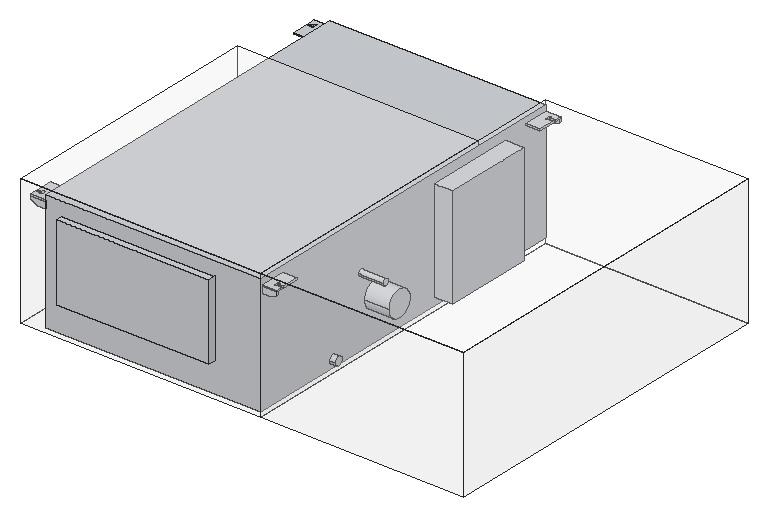
Revit family "ge-mp1080_2100m_50Hz", category 機械設備, Revit 2019
Family settings
  丸型コネクタ寸法 = 直径を使用
  パーツ タイプ = 標準
  OmniClass 番号 = 23.75.10.24.21.27.27
  OmniClass タイトル = Split System Air Conditioning Units
  作業面ベース = いいえ
  常に垂直 = はい
  ロード時にボイドで切り取り = いいえ
  共有 = いいえ
  部屋計算ポイント = はい
Parameters (values of type "GE-MP1080M")
  風量 = 1080.0 m³/h
  音響パワーレベル(dB) = 65
  電源種別 = ""
  電圧_電気ヒーター = 0 V
  電圧 = 200 V
  電動機出力_送風機 = 0.20 kW
  運転質量 = 0.00 kg
  連動 = ""
  質量 = if(製品質量 > 運転質量, 製品質量, 運転質量) * 1.2  # 116.40 kg
  負荷分類 = 10_ファンコイル類
  説明 = "ビル用マルチエアコン 室内ユニット 天井埋込外気処理"
  設計暖房能力 [instance] = 0 kW
  設計冷房能力_顕熱 [instance] = 0 kW
  設計冷房能力 [instance] = 0 kW
  設置方法 = "天井吊形"
  記号 [instance] = ""
  製造元 = "三菱電機株式会社"
  製品質量 = 97.00 kg
  製品出荷対象 = "国内"
  製品リリース年月 = "2025/6/30"
  製品グループ = ""
  給気量 = 0.0 m³/h
  系統 [instance] = ""
  符号 = "ACP-CIO"
  積算_科目 = "1 空気調和設備"
  積算_拾い区分 [instance] = ""
  相_電気ヒーター = 1
  相 = 1
  盤記号 [instance] = ""
  発停方法 = ""
  特殊仕様 [instance] = ""
  火災停止 = ""
  消費電力_電気ヒーター = 0.00 kW
  消費電力_暖房 = 0.28 kW
  消費電力_加湿器 = 0.00 kW
  消費電力_冷房 = 0.28 kW
  消費電力 = if(消費電力_冷房 > 消費電力_暖房, 消費電力_冷房, 消費電力_暖房) + 消費電力_加湿器 + 消費電力_電気ヒーター  # 0.28 kW
  法定耐用年数 = "15"
  機外静圧 = 210.0 Pa
  極数 = 2
  材質 [instance] = ""
  本体マテリアル = none
  有効加湿量 = 8.3
  暖房能力 = 13.7 kW
  排気量 = 0.0 m³/h
  形式_加湿器 = ""
  形式 = "外気処理エアコン(天井吊形)"
  幹線記号 [instance] = ""
  始動方式 = "直入"
  外気量 = 0.0 m³/h
  呼称 = "室内機_外気処理エアコン(天井吊形)"
  周波数 = 50 Hz
  台数_手元リモコン [instance] = ""
  台数_冷媒分岐ユニット [instance] = ""
  参照している仕様書等のバージョン = "公共建築工事標準仕様書（機械設備工事編）平成31年度版"
  加湿給水管径 = 21.70 mm
  分類コード = "50053003221160"
  分類グループ = ""
  冷房能力 = 14 kW
  冷媒高低圧ガス管径 = 0.00 mm
  冷媒管径符号 = "Bd"
  冷媒管径 = 100.00 mm
  冷媒液管径 = 9.52 mm
  冷媒ガス管径 = 15.88 mm
  企業コード = "108420"
  付属品_フィルター = ""
  付属品 [instance] = ""
  仕様書バージョン = "Version1.0"
  モデル = "GE-MP1080M"
  ドレン管径 = 32.00 mm
  ダクト2高 = 400 mm
  ダクト2幅 = 700 mm
  ダクト1高 = 300 mm
  ダクト1幅 = 600 mm
  コメント [instance] = ""
  Keynote = ""
  エンタルピ交換効率_暖房 [instance] = 0.00%
  エンタルピ交換効率_冷房 [instance] = 0.00%
  j = 25 mm  # constant formula
  h = 25 mm  # constant formula
  Width = 850 mm
  Version = ""
  Uniclass2015Version = "Systems v1.9"
  Uniclass2015Title = "Split coil remote air cooled condensing units"
  Uniclass2015Code = "Pr_70_65_03_84"
  URL = "https://www.mitsubishielectric.co.jp/ldg/wink/qr/002/339953/"
  SpecificationReference = ""
  SpecificationDescription = ""
  Revision = ""
  ProductInformation = ""
  OmniClassCode = "23-33 17 13 11"
  L = 950 mm
  IfcTypeProduct = ""
  IfcProduct = ""
  IfcExportType = "AIRCONDITIONINGUNIT"
  IfcExportAs = "IfcUnitaryEquipmentType"
  Height = 470 mm
  Depth = 1400 mm
  Author = "三菱電機株式会社"
Types (3, lengths in mm): name | 風量 | 音響パワーレベル(dB) | 電動機出力_送風機 | 質量 | 製品質量 | 消費電力_暖房 | 消費電力_冷房 | 消費電力 | 機外静圧 | 有効加湿量 | 暖房能力 | 冷房能力 | 冷媒管径符号 | 冷媒ガス管径 | モデル | ダクト2幅 | ダクト1幅 | Width | URL | L
  GE-MP1080M | 1080.0 m³/h | 65 | 0.20 kW | 116.40 kg | 97.00 kg | 0.28 kW | 0.28 kW | 0.28 kW | 210.0 Pa | 8.3 | 13.7 kW | 14 kW | "Bd" | 15.88 | "GE-MP1080M" | 700 | 600 | 850 | "https://www.mitsubishielectric.co.jp/ldg/wink/qr/002/339953/" | 950
  GE-MP1680M | 1680.0 m³/h | 67 | 0.40 kW | 140.40 kg | 117.00 kg | 0.49 kW | 0.49 kW | 0.49 kW | 210.0 Pa | 13 | 21.2 kW | 22.4 kW | "Be" | 19.05 | "GE-MP1680M" | 1100 | 1000 | 1250 | "https://www.mitsubishielectric.co.jp/ldg/wink/qr/002/339954/" | 1350
  GE-MP2100M | 2100.0 m³/h | 69 | 0.40 kW | 145.20 kg | 121.00 kg | 0.53 kW | 0.53 kW | 0.53 kW | 170.0 Pa | 16.2 | 26.5 kW | 28 kW | "Bf" | 22.20 | "GE-MP2100M" | 1100 | 1000 | 1250 | "https://www.mitsubishielectric.co.jp/ldg/wink/qr/002/339955/" | 1350
Reference planes
  plane 1 "中心(正面/背面)": y = 0
  plane 2: z = 0
  plane 3 "中心(左/右)": x = 0
  plane 4 "左": x = -425
  plane 5 "右": x = 425
  plane 6 "正面": y = -700
  plane 7 "背面": y = 700
  plane 8: z = 470
  plane 9: z = 210
  plane 10: z = 153
  plane 11: z = 235
  plane 12: x = 625
  plane 13: x = -525
  plane 14: y = 370
  plane 15: y = -900
  plane 16: z = 490
  plane 17: z = -20
  plane 18: y = 725
  plane 19: y = -725
  plane 20: x = 1225
Lines and regions (mm)
  Masking region 1, detail levels coarse+medium
    outline origin (0, 0, 0) x (1, 0, 0) y (0, 1, 0)
      loop
        line (-425, 700) -> (-425, -700) -> (425, -700) -> (425, 700) -> (-425, 700)
  Masking region 2, detail levels coarse+medium
    outline origin (0, 0, 0) x (1, 0, 0) y (0, 1, 0)
      loop
        line (-425, 700) -> (-425, -700) -> (425, -700) -> (425, 700) -> (-425, 700)
  reference lines
    curve 1: line (0, 700, 0) -> (-425, 0, 0)
    curve 2: line (-425, 0, 0) -> (0, -700, 0)
    curve 3: line (425, 0, 0) -> (0, 700, 0)
    curve 4: line (0, -700, 0) -> (425, 0, 0)
  symbolic lines, detail levels coarse+medium
    curve 5: line (0, 700, 0) -> (-425, 0, 0)
    curve 6: line (-425, 0, 0) -> (0, -700, 0)
    curve 7: line (0, -700, 0) -> (425, 0, 0)
    curve 8: line (425, 0, 0) -> (0, 700, 0)
Dimensions and locks
  "Height": plane 8 to level
  equal spacing: plane 4 "左", plane 3 "中心(左/右)", plane 5 "右"
  "Width": plane 4 "左" to plane 5 "右"
  equal spacing: plane 6 "正面", plane 1 "中心(正面/背面)", plane 7 "背面"
  "Depth": plane 6 "正面" to plane 7 "背面"
  locked: plane 9 to level at 210
  locked: plane 10 to level at 153
  locked: plane 11 to level at 235
  locked: plane 16 to plane 8 at 20
  locked: plane 2 to plane 17 at 20
  locked: plane 6 "正面" to plane 14 at 1070
  "L": plane 13 to plane 5 "右"
  "h": plane 19 to plane 6 "正面"
  "j": plane 7 "背面" to plane 18
  locked: plane 12 to plane 20 at 600
  locked: plane 5 "右" to plane 20 at 800
  aligned and locked: level to plane 2
  aligned and locked: plane 6 "正面" to nested 2
  aligned and locked: plane 14 to nested 2
  aligned and locked: plane 16 to nested 3
  aligned and locked: plane 17 to nested 3
  aligned and locked: plane 16 to nested 2
  aligned and locked: plane 17 to nested 2
  aligned and locked: nested 1 to plane 1 "中心(正面/背面)"
  aligned and locked: plane 3 "中心(左/右)" to nested 1
  aligned and locked: plane 5 "右" to nested 2
  aligned and locked: plane 13 to nested 2
  aligned and locked: plane 7 "背面" to nested 3
  aligned and locked: plane 5 "右" to nested 3
  aligned and locked: plane 6 "正面" to nested 3
  aligned and locked: plane 20 to nested 3
Automatic sketch dimensions
  Masking region 1 sketch curve to plane 4 "左" = 0 mm
  Masking region 1 sketch curve to plane 5 "右" = 0 mm
  plane 6 "正面" to Masking region 1 sketch curve = 0 mm
  plane 7 "背面" to Masking region 1 sketch curve = 0 mm
  Masking region 2 sketch curve to plane 4 "左" = 0 mm
  Masking region 2 sketch curve to plane 5 "右" = 0 mm
  plane 6 "正面" to Masking region 2 sketch curve = 0 mm
  plane 7 "背面" to Masking region 2 sketch curve = 0 mm
  plane 1 "中心(正面/背面)" to curve 1 = 0 mm
  curve 1 to plane 4 "左" = 0 mm
  curve 2 to plane 3 "中心(左/右)" = 0 mm
  curve 3 to plane 3 "中心(左/右)" = 0 mm
  plane 1 "中心(正面/背面)" to curve 3 = 0 mm
  curve 3 to plane 5 "右" = 0 mm
  plane 6 "正面" to curve 2 = 0 mm
  plane 7 "背面" to curve 3 = 0 mm
  plane 1 "中心(正面/背面)" to curve 5 = 0 mm
  curve 5 to plane 4 "左" = 0 mm
  curve 6 to plane 3 "中心(左/右)" = 0 mm
  curve 8 to plane 3 "中心(左/右)" = 0 mm
  plane 1 "中心(正面/背面)" to curve 7 = 0 mm
  curve 7 to plane 5 "右" = 0 mm
  plane 6 "正面" to curve 6 = 0 mm
  plane 7 "背面" to curve 5 = 0 mm
Nested families
  nested 1: "GE-MP-M" at (0, 0, 0) x (0, 1, 0) z (0, 0, 1), H <- "Height", 加湿器径 <- "加湿給水管径", D <- "Width", W <- "Depth", type "GE-MP-M"
    with 配管径 100 mm, 液径 9.52 mm, 液W 96 mm, 液H 40 mm, 液D 100 mm, 吊りボルトW 1338 mm, 吊りボルトH 20 mm, 吊りボルトD 925 mm, 加湿器径 21.7 mm, 加湿器W 488 mm, 加湿器H 280 mm, 加湿器D 100 mm, ドレン径 32 mm, ドレンW 350 mm, ドレンH 35 mm, ドレンD 25 mm, ガス径 15.88 mm, ガスW 604 mm, ガスH 155 mm, ガスD 100 mm, W 1400 mm, J ダクトW 700 mm, J ダクトH 400 mm, H 470 mm, G ダクトW 600 mm, G ダクトH 300 mm, D 850 mm, C 985 mm
  nested 2: "サービススペース(GE-MP-M)" at (-50, -165, 235), type "サービススペース(GE-MP-M)"
    with Width 950 mm, Height 510 mm, Depth 1070 mm
  nested 3: "サービススペース(GE-MP-M)" at (825, 0, 235), type "サービススペース(GE-MP-M)"
    with Width 800 mm, Height 510 mm, Depth 1400 mm
Connectors
  hvac at (0, 725, 235), driven by "ダクト2高", driven by "ダクト2幅", driven by "機外静圧", driven by "外気量"
    settings: on nested 1, index 8, duct flow 0.0 m³/h, flow factor 0, pres drop 210.0 Pa, loss coef 0, conn angle 0.00°, conn width 700 mm, conn height 400 mm, conn diameter 609.6 mm, duct sys type 29, conn prof type 1, flow config 0, flow direction 1, loss method 4, conn ref index -1, conn util no, is conn primary yes, conn desc "OA"
  hvac at (-60, -725, 265), driven by "ダクト1高", driven by "ダクト1幅", driven by "機外静圧", driven by "給気量"
    settings: on nested 1, index 9, duct flow 0.0 m³/h, flow factor 0, pres drop 210.0 Pa, loss coef 0, conn angle 0.00°, conn width 600 mm, conn height 300 mm, conn diameter 609.6 mm, duct sys type 29, conn prof type 1, flow config 0, flow direction 2, loss method 4, conn ref index -1, conn util no, is conn primary no, conn desc "SA"
  electrical at (499.5, 324, 235), driven by "極数", driven by "負荷分類", driven by "電圧", driven by "消費電力"
    settings: on nested 1, index 10, voltage 200 V, apparent load 280 VA, apparent load phase1 0 VA, apparent load phase2 0 VA, apparent load phase3 0 VA, power factor 1, load classification "10_ファンコイル類", number of poles 2, system type 30, power factor state 1, is connector primary yes, connector utility no, sub classification motor no, connector description ""
  piping at (525, -144, 175), diameter 100, driven by "冷媒管径", driven by "冷媒管径符号"
    settings: on nested 1, index 11, connector inside diameter 609.60 mm, connector length 0 mm, flow factor 0, pipe flow 0.0 L/s, pressure drop 0.0 Pa, fitting loss kfactor 0, connector angle 0.00°, fixture units 0, engagement length 0 mm, angle of deflection 0.00°, flow configuration 1, flow direction 1, fitting loss method 4, system type 7, joint type 0, gender type 0, connector reference index -1, connector utility 0, adjustable connector no, is connector primary yes, connector description "Bd"
  piping at (450, -350, 35), diameter 32, driven by "ドレン管径"
    settings: on nested 1, index 12, connector inside diameter 609.60 mm, connector length 0 mm, flow factor 0, pipe flow 0.0 L/s, pressure drop 0.0 Pa, fitting loss kfactor 0, connector angle 0.00°, fixture units 0, engagement length 0 mm, angle of deflection 0.00°, flow configuration 1, flow direction 2, fitting loss method 4, system type 16, joint type 0, gender type 0, connector reference index -1, connector utility 0, adjustable connector no, is connector primary no, connector description ""
  piping at (525, -212, 280), diameter 21.7, driven by "加湿給水管径"
    settings: on nested 1, index 13, connector inside diameter 609.60 mm, connector length 0 mm, flow factor 0, pipe flow 0.0 L/s, pressure drop 0.0 Pa, fitting loss kfactor 0, connector angle 0.00°, fixture units 0, engagement length 0 mm, angle of deflection 0.00°, flow configuration 1, flow direction 1, fitting loss method 4, system type 20, joint type 0, gender type 0, connector reference index -1, connector utility 0, adjustable connector no, is connector primary no, connector description ""
Definition of nested family "GE-MP-M"
  Parameters (values of type "GE-MP-M")
    加湿器径 [instance] = 6.4 mm
    加湿器W [instance] = 488 mm  # constant formula
    加湿器H [instance] = 280 mm  # constant formula
    加湿器D [instance] = 100 mm  # constant formula
    液径 [instance] = 9.52 mm
    吊りボルトW [instance] = 1338 mm  # constant formula
    吊りボルトH [instance] = 20 mm  # constant formula
    吊りボルトD [instance] = if(D = 850 mm, 925 mm, 1325 mm)  # 925 mm
    配管径 [instance] = 100 mm  # constant formula
    液W [instance] = 96 mm  # constant formula
    液H [instance] = 40 mm  # constant formula
    液D [instance] = 100 mm  # constant formula
    ドレン径 [instance] = 32 mm
    ドレンW [instance] = 350 mm  # constant formula
    ドレンH [instance] = 35 mm  # constant formula
    ドレンD [instance] = 25 mm  # constant formula
    J ダクトW [instance] = if(D = 850 mm, 700 mm, 1100 mm)  # 700 mm
    J ダクトH [instance] = 400 mm  # constant formula
    ガス径 [instance] = 15.88 mm
    ガスW [instance] = 604 mm  # constant formula
    ガスH [instance] = 155 mm  # constant formula
    ガスD [instance] = 100 mm  # constant formula
    W [instance] = 1400 mm
    H [instance] = 470 mm
    G ダクトW [instance] = if(D = 850 mm, 600 mm, 1000 mm)  # 600 mm
    G ダクトH [instance] = 300 mm  # constant formula
    D [instance] = 850 mm
    C [instance] = if(D = 850 mm, 985 mm, 1385 mm)  # 985 mm
  Reference planes
    plane 1 "中心(正面/背面)": y = 0
    plane 2: z = 0
    plane 3 "中心(左/右)": x = 0
    plane 4: x = -700
    plane 5: x = 700
    plane 6: y = 425
    plane 7: y = -425
    plane 8: z = 470
    plane 9: y = 462.5
    plane 10: y = -462.5
    plane 11: x = -669
    plane 12: x = 669
    plane 13: y = 485.5
    plane 14: y = -485.5
    plane 15: x = -699
    plane 16: x = 699
    plane 17: x = 599
    plane 18: x = -599
    plane 19: z = 450
    plane 20: z = 420
    plane 21: z = 445
    plane 22: x = -694
    plane 23: x = 694
    plane 24: x = -350
    plane 25: x = -96
    plane 26: x = -192
    plane 27: y = -499.5
    plane 28: x = 499
    plane 29: x = 149
    plane 30: y = -450
    plane 31: z = 35
    plane 32: y = -525
    plane 33: z = 155
    plane 34: z = 195
    plane 35: x = -144
    plane 36: z = 175
    plane 37: x = -212
    plane 38: z = 280
    plane 39: x = 725
    plane 40: x = -725
    plane 41: y = -240
    plane 42: y = 360
    plane 43: z = 115
    plane 44: z = 415
    plane 45: y = 350
    plane 46: y = -350
    plane 47: z = 435
  Forms (mm)
    Extrusion 1, solid
      sketch origin (0, 0, 0) x (1, 0, 0) y (0, 1, 0)
        loop
          line (-700, 425) -> (-700, -425) -> (700, -425) -> (700, 425) -> (-700, 425)
      from 0 to 470
    Extrusion 2, solid, detail levels fine
      sketch origin (0, 0, 0) x (1, 0, 0) y (0, 1, 0)
        loop
          line (-699, 485.5) -> (-699, 425) -> (-599, 425) -> (-599, 485.5) -> (-664, 485.5) -> (-664, 467.5)
          arc (-664, 467.5) -> (-659, 462.5) -> (-664, 457.5) r 5
          line (-664, 457.5) -> (-674, 457.5)
          arc (-674, 457.5) -> (-679, 462.5) -> (-674, 467.5) r 5
          line (-674, 467.5) -> (-674, 485.5) -> (-699, 485.5)
        loop
          line (599, 485.5) -> (599, 425) -> (699, 425) -> (699, 485.5) -> (674, 485.5) -> (674, 467.5)
          arc (674, 467.5) -> (679, 462.5) -> (674, 457.5) r 5
          line (674, 457.5) -> (664, 457.5)
          arc (664, 457.5) -> (659, 462.5) -> (664, 467.5) r 5
          line (664, 467.5) -> (664, 485.5) -> (599, 485.5)
        loop
          line (599, -485.5) -> (664, -485.5) -> (664, -467.5)
          arc (664, -467.5) -> (659, -462.5) -> (664, -457.5) r 5
          line (664, -457.5) -> (674, -457.5)
          arc (674, -457.5) -> (679, -462.5) -> (674, -467.5) r 5
          line (674, -467.5) -> (674, -485.5) -> (699, -485.5) -> (699, -425) -> (599, -425) -> (599, -485.5)
        loop
          line (-699, -485.5) -> (-674, -485.5) -> (-674, -467.5)
          arc (-674, -467.5) -> (-679, -462.5) -> (-674, -457.5) r 5
          line (-674, -457.5) -> (-664, -457.5)
          arc (-664, -457.5) -> (-659, -462.5) -> (-664, -467.5) r 5
          line (-664, -467.5) -> (-664, -485.5) -> (-599, -485.5) -> (-599, -425) -> (-699, -425) -> (-699, -485.5)
      from 445 to 450
    Extrusion 3, solid, detail levels fine
      sketch origin (0, 0, 0) x (0, 1, 0) y (0, 0, 1)
        loop
          line (425, 445) -> (425, 420) -> (455.25, 420) -> (485.5, 432.5) -> (485.5, 445) -> (425, 445)
        loop
          line (-485.5, 445) -> (-485.5, 432.5) -> (-455.25, 420) -> (-425, 420) -> (-425, 445) -> (-485.5, 445)
      from 694 to 699
    Extrusion 4, solid, detail levels fine
      sketch origin (0, 0, 0) x (0, 1, 0) y (0, 0, 1)
        loop
          line (-485.5, 432.5) -> (-455.25, 420) -> (-425, 420) -> (-425, 445) -> (-485.5, 445) -> (-485.5, 432.5)
        loop
          line (455.25, 420) -> (485.5, 432.5) -> (485.5, 445) -> (425, 445) -> (425, 420) -> (455.25, 420)
      from -699 to -694
    Extrusion 5, solid, detail levels fine
      sketch origin (0, 0, 0) x (1, 0, 0) y (0, 0, 1)
        loop
          circle (-350, 35) r 16
      from 425 to 450
    Extrusion 6, solid, detail levels fine
      sketch origin (0, 0, 0) x (1, 0, 0) y (0, 0, 1)
        loop
          circle (-144, 175) r 50
      from 425 to 525
    Extrusion 7, solid, detail levels fine
      sketch origin (0, 0, 0) x (1, 0, 0) y (0, 0, 1)
        loop
          circle (-212, 280) r 3.2
      from 425 to 525
    Extrusion 8, solid, detail levels fine
      sketch origin (0, 0, 0) x (0, 1, 0) y (0, 0, 1)
        loop
          line (360, 415) -> (-240, 415) -> (-240, 115) -> (360, 115) -> (360, 415)
      from -725 to -700
    Extrusion 9, solid, detail levels fine
      sketch origin (0, 0, 0) x (0, 1, 0) y (0, 0, 1)
        loop
          line (-350, 435) -> (-350, 35) -> (350, 35) -> (350, 435) -> (-350, 435)
      from 700 to 725
    Extrusion 10, solid, detail levels fine
      sketch origin (0, 0, 0) x (1, 0, 0) y (0, 0, 1)
        loop
          line (499, 435) -> (149, 435) -> (149, 35) -> (499, 35) -> (499, 435)
      from 425 to 499.5
  Dimensions and locks
    equal spacing: plane 7, plane 1 "中心(正面/背面)", plane 6
    "D": plane 7 to plane 6
    equal spacing: plane 4, plane 3 "中心(左/右)", plane 5
    "W": plane 4 to plane 5
    "H": plane 8 to level
    equal spacing: plane 10, plane 1 "中心(正面/背面)", plane 9
    "吊りボルトD": plane 10 to plane 9
    equal spacing: plane 11, plane 3 "中心(左/右)", plane 12
    "吊りボルトW": plane 11 to plane 12
    locked: plane 9 to plane 13 at 23
    locked: plane 14 to plane 10 at 23
    locked: plane 12 to plane 16 at 30
    locked: plane 15 to plane 11 at 30
    locked: plane 11 to plane 18 at 70
    locked: plane 17 to plane 12 at 70
    plane 8 to plane 19 to plane 20 = 20 mm locked, 30 mm locked
    locked: plane 23 to plane 16 at 5
    locked: plane 15 to plane 22 at 5
    locked: plane 19 to plane 21 at 5
    "ドレンW": plane 24 to plane 4
    "ガスW": plane 25 to plane 4
    "液W": plane 25 to plane 26
    "C": plane 27 to plane 13
    locked: plane 28 to plane 29 at 350
    plane 5 to plane 28 = 201 mm
    "ドレンD": plane 30 to plane 7
    "ドレンH": plane 31 to level
    "ガスD": plane 32 to plane 7
    "ガスH": plane 33 to level
    "液H": plane 34 to plane 33
    equal spacing: plane 25, plane 35, plane 26
    equal spacing: plane 34, plane 36, plane 33
    "加湿器W": plane 37 to plane 4
    "加湿器H": plane 38 to level
    locked: plane 40 to plane 4 at 25
    locked: plane 5 to plane 39 at 25
    locked: plane 7 to plane 41 at 185
    "G ダクトW": plane 41 to plane 42
    locked: plane 43 to level at 115
    "G ダクトH": plane 44 to plane 43
    equal spacing: plane 46, plane 1 "中心(正面/背面)", plane 45
    "J ダクトW": plane 46 to plane 45
    "J ダクトH": plane 47 to plane 31
    "ドレン径": diameter of Extrusion 5 sketch curve
    "配管径": diameter of Extrusion 6 sketch curve
    "加湿器径": diameter of Extrusion 7 sketch curve
    aligned and locked: level to plane 2
    aligned and locked: plane 6 to Extrusion 1 sketch curve
    aligned and locked: plane 4 to Extrusion 1 sketch curve
    aligned and locked: Extrusion 1 sketch curve to plane 7
    aligned and locked: Extrusion 1 sketch curve to plane 5
    aligned and locked: plane 8 to Extrusion 1
    aligned and locked: plane 13 to Extrusion 2 sketch curve  (x4)
    aligned and locked: plane 15 to Extrusion 2 sketch curve
    aligned and locked: Extrusion 2 sketch curve to plane 6  (x2)
    aligned and locked: Extrusion 2 sketch curve to plane 18
    aligned and locked: plane 17 to Extrusion 2 sketch curve
    aligned and locked: Extrusion 2 sketch curve to plane 16
    aligned and locked: plane 14 to Extrusion 2 sketch curve  (x4)
    aligned and locked: Extrusion 2 sketch curve to plane 17
    aligned and locked: Extrusion 2 sketch curve to plane 7  (x2)
    aligned and locked: plane 16 to Extrusion 2 sketch curve
    aligned and locked: Extrusion 2 sketch curve to plane 15
    aligned and locked: plane 18 to Extrusion 2 sketch curve
    aligned and locked: plane 9 to Extrusion 2 sketch curve  (x4)
    aligned and locked: plane 10 to Extrusion 2 sketch curve  (x4)
    aligned and locked: plane 19 to Extrusion 2
    aligned and locked: Extrusion 2 to plane 21
    aligned and locked: Extrusion 2 to Extrusion 3 sketch curve
    aligned and locked: Extrusion 3 sketch curve to Extrusion 2  (x3)
    aligned and locked: plane 20 to Extrusion 3 sketch curve  (x2)
    aligned and locked: plane 13 to Extrusion 3 sketch curve
    aligned and locked: plane 7 to Extrusion 3 sketch curve
    aligned and locked: plane 16 to Extrusion 3
    aligned and locked: Extrusion 3 to plane 23
    aligned and locked: Extrusion 4 sketch curve to Extrusion 3  (x10)
    aligned and locked: plane 22 to Extrusion 4
    aligned and locked: Extrusion 4 to plane 15
    aligned and locked: plane 31 to Extrusion 5 sketch curve
    aligned and locked: plane 24 to Extrusion 5 sketch curve
    aligned and locked: Extrusion 5 to plane 7
    aligned and locked: plane 30 to Extrusion 5
    aligned and locked: plane 35 to Extrusion 6 sketch curve
    aligned and locked: plane 36 to Extrusion 6 sketch curve
    aligned and locked: plane 32 to Extrusion 6
    aligned and locked: Extrusion 6 to plane 7
    aligned and locked: plane 37 to Extrusion 7 sketch curve
    aligned and locked: plane 38 to Extrusion 7 sketch curve
    aligned and locked: plane 32 to Extrusion 7
    aligned and locked: Extrusion 7 to plane 7
    aligned and locked: plane 44 to Extrusion 8 sketch curve
    aligned and locked: Extrusion 8 sketch curve to plane 42
    aligned and locked: Extrusion 8 sketch curve to plane 43
    aligned and locked: plane 41 to Extrusion 8 sketch curve
    aligned and locked: plane 4 to Extrusion 8
    aligned and locked: Extrusion 8 to plane 40
    aligned and locked: Extrusion 9 sketch curve to plane 47
    aligned and locked: Extrusion 9 sketch curve to plane 46
    aligned and locked: plane 31 to Extrusion 9 sketch curve
    aligned and locked: plane 45 to Extrusion 9 sketch curve
    aligned and locked: plane 39 to Extrusion 9
    aligned and locked: Extrusion 9 to plane 5
    aligned and locked: plane 47 to Extrusion 10 sketch curve
    aligned and locked: plane 28 to Extrusion 10 sketch curve
    aligned and locked: Extrusion 10 sketch curve to plane 31
    aligned and locked: Extrusion 10 sketch curve to plane 29
    aligned and locked: plane 27 to Extrusion 10
    aligned and locked: Extrusion 10 to plane 7
    aligned and locked: plane 10 to nested 1
    aligned and locked: plane 11 to nested 1
    aligned and locked: plane 12 to nested 1
    aligned and locked: nested 1 to plane 9
  Automatic sketch dimensions
    Extrusion 2 sketch curve to plane 11 = 5 mm  (x4)
    plane 11 to Extrusion 2 sketch curve = 5 mm  (x3)
    Extrusion 2 sketch curve to plane 12 = 5 mm  (x4)
    plane 12 to Extrusion 2 sketch curve = 5 mm  (x4)
    Extrusion 2 sketch curve to plane 10 = 5 mm
    plane 9 to Extrusion 2 sketch curve = 5 mm  (x2)
    Extrusion 2 sketch curve to Extrusion 2 sketch curve = 0 mm
    plane 10 to Extrusion 2 sketch curve = 5 mm
    plane 9 to Extrusion 3 sketch curve = 7.25 mm
    plane 20 to Extrusion 3 sketch curve = 12.5 mm
    Extrusion 3 sketch curve to plane 10 = 7.25 mm
    Extrusion 3 sketch curve to Extrusion 3 sketch curve = 12.5 mm
  Nested families
    nested 1: "固定点" at (-669, -462.5, 0), type "固定点", detail levels fine
      with W 1338 mm, D 925 mm
  Definition of nested family "固定点"
    Parameters (values of type "固定点")
      中心円 = 20 mm
      W [instance] = 1000 mm
      D [instance] = 1000 mm
    Reference planes
      plane 1 "中心(正面/背面)": y = 0
      plane 2: z = 0
      plane 3 "中心(左/右)": x = 0
      plane 4: x = 1000
      plane 5: y = 1000
    Lines and regions (mm)
      symbolic lines, detail levels fine
        curve 1: circle (0, 1000, 0) r 10 normal (0, 0, 1)
        curve 2: circle (0, 0, 0) r 10 normal (0, 0, 1)
        curve 3: circle (1000, 1000, 0) r 10 normal (0, 0, 1)
        curve 4: circle (1000, 0, 0) r 10 normal (0, 0, 1)
        curve 5: line (-200, 1000, 0) -> (1200, 1000, 0)
        curve 6: line (-200, 0, 0) -> (1200, 0, 0)
        curve 7: line (0, 1200, 0) -> (0, -200, 0)
        curve 8: line (1000, 1200, 0) -> (1000, -200, 0)
    Dimensions and locks
      "W": plane 3 "中心(左/右)" to plane 4
      "D": plane 1 "中心(正面/背面)" to plane 5
      "中心円": diameter of curve 1
      "中心円": diameter of curve 2
      "中心円": diameter of curve 3
      "中心円": diameter of curve 4
      aligned and locked: level to plane 2
      aligned and locked: plane 5 to curve 1
      aligned and locked: plane 3 "中心(左/右)" to curve 1
      aligned and locked: plane 3 "中心(左/右)" to curve 2
      aligned and locked: plane 1 "中心(正面/背面)" to curve 2
      aligned and locked: plane 4 to curve 3
      aligned and locked: plane 5 to curve 3
      aligned and locked: plane 1 "中心(正面/背面)" to curve 4
      aligned and locked: plane 4 to curve 4
      aligned and locked: plane 1 "中心(正面/背面)" to curve 6
      aligned and locked: curve 7 to plane 3 "中心(左/右)"
      aligned and locked: curve 8 to plane 4
    Automatic sketch dimensions
      curve 5 to plane 5 = 0 mm
      curve 6 to plane 3 "中心(左/右)" = 200 mm
      curve 5 to plane 3 "中心(左/右)" = 200 mm
      curve 4 to curve 6 = 200 mm
      curve 3 to curve 5 = 200 mm
      plane 1 "中心(正面/背面)" to curve 8 = 200 mm
      plane 1 "中心(正面/背面)" to curve 7 = 200 mm
      curve 3 to curve 8 = 200 mm
      curve 1 to curve 7 = 200 mm
Definition of nested family "サービススペース(GE-MP-M)"
  Parameters (values of type "サービススペース")
    Width [instance] = 500 mm
    Height [instance] = 500 mm
    Depth [instance] = 500 mm
  Reference planes
    plane 1 "中心(正面/背面)": y = 0
    plane 2: z = 0
    plane 3 "中心(左/右)": x = 0
    plane 4: y = -250
    plane 5: x = 250
    plane 6: y = 250
    plane 7: x = -250
    plane 8: z = 250
    plane 9: z = -250
  Forms (mm)
    Extrusion 1, solid
      sketch origin (-638.939, 0, 72.39) x (1, 0, 0) y (0, 1, 0)
        loop
          line (388.939, 250) -> (388.939, -250) -> (888.939, -250) -> (888.939, 250) -> (388.939, 250)
      from -322.39 to 177.61
  Lines and regions (mm)
    symbolic lines
      curve 1: line (-250, 0, 250) -> (250, 0, 250)
      curve 2: line (-250, 0, -250) -> (-250, 0, 250)
      curve 3: line (250, 0, -250) -> (-250, 0, -250)
      curve 4: line (250, 0, 250) -> (250, 0, -250)
      curve 5: line (0, -250, 250) -> (0, 250, 250)
      curve 6: line (0, -250, -250) -> (0, -250, 250)
      curve 7: line (0, 250, -250) -> (0, -250, -250)
      curve 8: line (0, 250, 250) -> (0, 250, -250)
      curve 9: line (-250, 250, 0) -> (250, 250, 0)
      curve 10: line (-250, -250, 0) -> (-250, 250, 0)
      curve 11: line (250, -250, 0) -> (-250, -250, 0)
      curve 12: line (250, 250, 0) -> (250, -250, 0)
  Dimensions and locks
    equal spacing: plane 7, plane 3 "中心(左/右)", plane 5
    equal spacing: plane 4, plane 1 "中心(正面/背面)", plane 6
    "Depth": plane 4 to plane 6
    "Width": plane 7 to plane 5
    equal spacing: plane 8, plane 2, plane 9
    "Height": plane 8 to plane 9
    aligned and locked: plane 9 to curve 3
    aligned and locked: plane 7 to curve 2
    aligned and locked: curve 4 to plane 5
    aligned and locked: plane 5 to Extrusion 1
    aligned and locked: Extrusion 1 to plane 7
    aligned and locked: Extrusion 1 to plane 9
    aligned and locked: plane 8 to Extrusion 1
    aligned and locked: plane 9 to curve 7
  Automatic sketch dimensions
    plane 4 to Extrusion 1 sketch curve = 0 mm
    Extrusion 1 sketch curve to plane 7 = 0 mm
    Extrusion 1 sketch curve to plane 5 = 0 mm
    plane 6 to Extrusion 1 sketch curve = 0 mm
    curve 2 to plane 8 = 0 mm
    plane 4 to curve 11 = 0 mm
    curve 11 to plane 7 = 0 mm
    curve 11 to plane 5 = 0 mm
    plane 6 to curve 10 = 0 mm
    curve 7 to plane 4 = 0 mm
    curve 7 to plane 6 = 0 mm
    curve 6 to plane 8 = 0 mm
